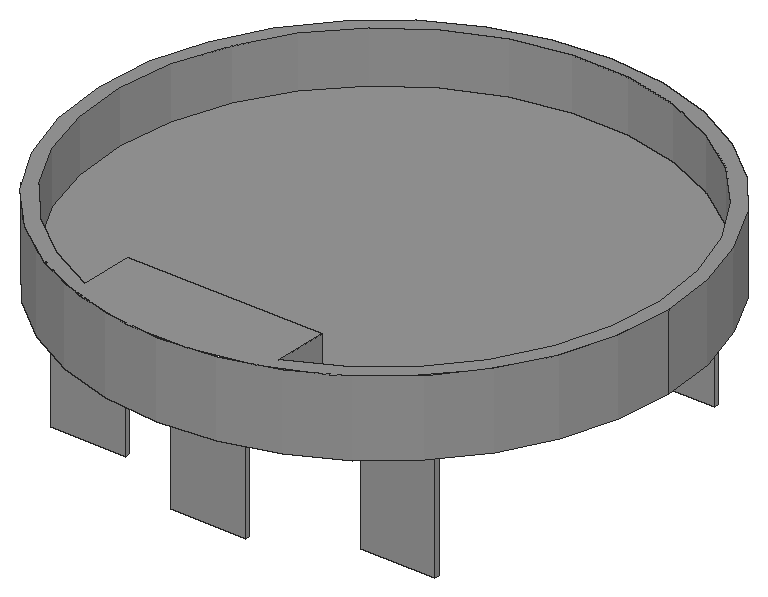
Revit family "Nivellierbare Kassette mit Schnurauslass, RKSRNUZD3, 20-25, 7", category Generic Models, Revit 2015
Parameters (values of type "RKSRN2UZD3R7MS25")
  URL = "http://www.obo-bettermann.com"
  Material = Brass, Soft Yellow, Welded
  Manufacturer Art.No. = "7409294"
  Manufacturer = "OBO Bettermann"
  Height 1 = 36.5 mm
  Height = 94 mm
  GTIN = "4012195867708"
  Diameter 1 = 265.6 mm
  Diameter = 274 mm
  Cut depth = 25 mm
  Article Type = "RKSRN2UZD3R7MS25"
Types (5, lengths in mm): name | Material | Manufacturer Art.No. | GTIN | Cut depth | Article Type
  (no name) | Brass, Soft Yellow, Welded | "7409294" | "4012195867708" | 25 | "RKSRN2UZD3R7MS25"
  RKSRN2UZD3R7VS20 | Stainless Steel, Polished | "7409298" | "4012195867715" | 20 | "RKSRN2UZD3R7VS20"
  RKSRN2UZD3R7VS25 | Stainless Steel | "7409300" | "4012195867739" | 25 | "RKSRN2UZD3R7VS25"
  RKSRN2UZD3R7MS20 | Brass, Soft Yellow, Welded | "7409292" | "4012195867692" | 20 | "RKSRN2UZD3R7MS20"
  RKSRN2UZD3R7MS25 | Brass, Soft Yellow, Welded | "7409294" | "4012195867708" | 25 | "RKSRN2UZD3R7MS25"
Reference planes
  plane 1 "Center (Front/Back)": y = 0
  plane 2: z = 0
  plane 3 "Center (Left/Right)": x = 0
  plane 4: z = 57.5
  plane 5: y = 99.5
  plane 6: y = -99.5
  plane 7: z = 94
  plane 8: z = 69
Forms (mm)
  Extrusion 1, solid, material "Brass, Soft Yellow, Welded" <- "Material"
    sketch origin (0, 0, 0) x (1, 0, 0) y (0, 1, 0)
      loop
        line (56.5, 85) -> (56.5, 83) -> (92.5, 83) -> (92.5, 85) -> (56.5, 85)
      loop
        line (-92.5, 85) -> (-92.5, 83) -> (-56.5, 83) -> (-56.5, 85) -> (-92.5, 85)
      loop
        line (-18, 106) -> (-18, 104) -> (18, 104) -> (18, 106) -> (-18, 106)
      loop
        line (56.5, -83) -> (56.5, -85) -> (92.5, -85) -> (92.5, -83) -> (56.5, -83)
      loop
        line (-92.5, -83) -> (-92.5, -85) -> (-56.5, -85) -> (-56.5, -83) -> (-92.5, -83)
      loop
        line (-18, -104) -> (-18, -106) -> (18, -106) -> (18, -104) -> (-18, -104)
    from 0 to 57.5
  Extrusion 2, solid, material "Brass, Soft Yellow, Welded" <- "Material"
    sketch origin (0, 0, 0) x (1, 0, 0) y (0, 1, 0)
      loop
        circle (0, 0) r 137
    from 57.5 to 94
  Extrusion 3, void
    sketch origin (0, 0, 0) x (1, 0, 0) y (0, 1, 0)
      loop
        line (-46.5, -121.844) -> (-46.5, -96) -> (46.5, -96) -> (46.5, -121.844)
        arc (46.5, -121.844) -> (0, 130.383) -> (-46.5, -121.844) r 130.4
    from 69 to 94
Cuts and joins
  Extrusion 3 cuts Extrusion 1
  Extrusion 3 cuts Extrusion 2
Dimensions and locks
  "Height 1": plane 7 to plane 4
  "Cut depth": plane 7 to plane 8
  locked: plane 5 to plane 6 at 199
  equal spacing: plane 5, plane 1 "Center (Front/Back)", plane 6, locked at 99.5 each
  locked: Extrusion 1 sketch curve to Extrusion 1 sketch curve at 36  (x6)
  locked: Extrusion 1 sketch curve to Extrusion 1 sketch curve at 2  (x6)
  locked: Extrusion 1 sketch curve to Extrusion 1 sketch curve at 113  (x2)
  equal spacing: Extrusion 1 sketch curve, plane 3 "Center (Left/Right)", Extrusion 1 sketch curve, locked at 56.5 each  (x2)
  locked: Extrusion 1 sketch curve to plane 1 "Center (Front/Back)" at 83  (x2)
  equal spacing: Extrusion 1 sketch curve, plane 3 "Center (Left/Right)", Extrusion 1 sketch curve, locked at 18 each  (x2)
  locked: plane 1 "Center (Front/Back)" to Extrusion 1 sketch curve at 104
  locked: Extrusion 1 sketch curve to plane 1 "Center (Front/Back)" at 104
  locked: Extrusion 3 sketch curve to Extrusion 3 sketch curve at 93
  equal spacing: Extrusion 3 sketch curve, plane 3 "Center (Left/Right)", Extrusion 3 sketch curve, locked at 46.5 each
  locked: Extrusion 2 to Extrusion 3 sketch curve at 41
  "Height": plane 7 to level
  "Diameter": diameter of Extrusion 2 sketch curve
  radius of Extrusion 3 sketch curve = 130.4 mm
  aligned and locked: level to plane 2
  aligned and locked: plane 7 to Extrusion 2
  aligned and locked: Extrusion 1 sketch curve to Extrusion 1 sketch curve  (x2)
  aligned and locked: cut or joined group of Extrusion 2, Extrusion 3 to Extrusion 3
  aligned and locked: Extrusion 3 to plane 8
  aligned and locked: Extrusion 1 to level
  aligned and locked: plane 4 to Extrusion 1
  aligned and locked: Extrusion 2 to plane 4
Automatic sketch dimensions
  plane 1 "Center (Front/Back)" to Extrusion 2 sketch curve = 0 mm
  Extrusion 2 sketch curve to plane 3 "Center (Left/Right)" = 0 mm
  Extrusion 3 sketch curve to plane 3 "Center (Left/Right)" = 0 mm
  plane 1 "Center (Front/Back)" to Extrusion 3 sketch curve = 0.017 mm
